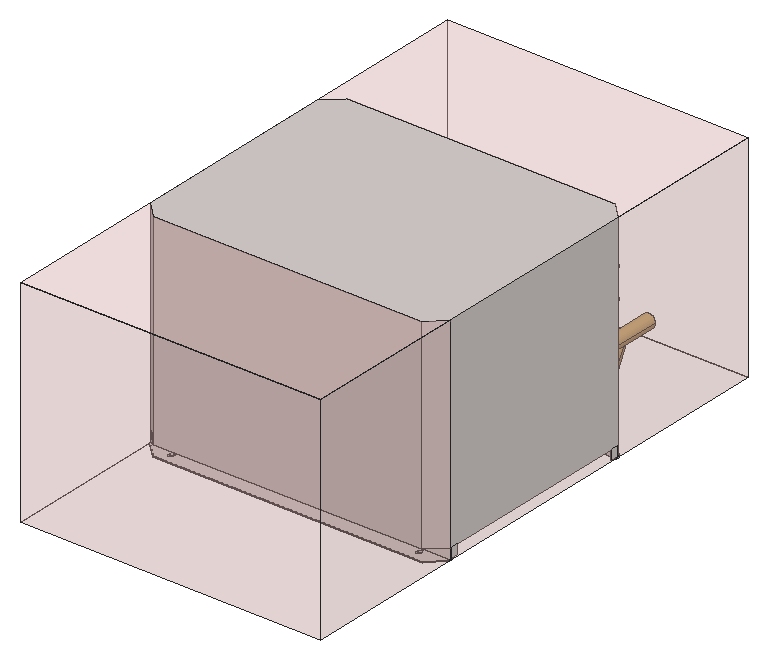
Revit family "CMH-WM350V-A", category Mechanical Equipment, Revit 2016
Family settings
  Part Type = Normal
  Round Connector Dimension = Use Radius
  OmniClass Number = 23.75.00.00
  OmniClass Title = Climate Control (HVAC)
  Work Plane-Based = No
  Always vertical = Yes
  Cut with Voids When Loaded = No
  Shared = No
  Room Calculation Point = No
Parameters (values of type "CMH-WM350V-A_220V_50Hz_To EM300")
  Water Pipe radius (Inlet) = 11.000 mm
  Water Pipe radius (To Indoor Unit) = 20.000 mm
  Water Pipe radius (From Indoor Unit) = 20.000 mm
  Water Pipe radius (EXP. Vessel) = 11.000 mm
  WarrantyStart = ""
  TagNumber = 0
  Sound Pressure Level (dB(A)) = 60
  SerialNumber = 0
  ReplacementYear = ""
  Model = "CMH-WM350V-A"
  Width = 920.000 mm
  Voltage = 220 V
  Unit Weight (kg) = 128
  URL = "http://www.mitsubishielectric.com/"
  Subcategory = "HVAC"
  Space View = yes
  Phase = 1
  Manufacturer = "Mitsubishi Electric Corporation"
  Liquid pipe_radius = 4.760 mm
  InstallationDate = ""
  Hertz = 50 Hz
  Height = 660.000 mm
  Heating Power Input (kW) = 0.9
  Heating Current (A) = 4.69
  Gas pipe_radius = 14.290 mm
  External Finish = "Pre-coated galvanized steel sheets"
  Equip_description = ""
  Equip_No. = 0
  Equip_ID = ""
  Description = "Hydro unit"
  Description = ""
  Depth = 740.000 mm
  CreatedOn = ""
  CreatedBy = ""
  Cooling Power Input (kW) = 0.9
  Cooling Current (A) = 4.69
  Connectable Outdoor/Heat source Unit = "PUHY-M300 to 350YNW-A1(-BS)/PUHY-EM300 to 350YNW-A1(-BS)"
  Category = ""
  Barcode = ""
  AssetIdentifier = ""
  Applicable temperature range of installation site = "-5 to 52"
Types (24, lengths in mm): name | Voltage | Liquid pipe_radius | Hertz | Heating Current (A) | Gas pipe_radius | Cooling Current (A)
  CMH-WM350V-A_220V_50Hz_To M300 | 220 V | 4.760 | 50 Hz | 4.69 | 11.100 | 4.69
  CMH-WM350V-A_220V_60Hz_To M300 | 220 V | 4.760 | 60 Hz | 4.69 | 11.100 | 4.69
  CMH-WM350V-A_230V_50Hz_To M300 | 230 V | 4.760 | 50 Hz | 4.48 | 11.100 | 4.48
  CMH-WM350V-A_230V_60Hz_To M300 | 230 V | 4.760 | 60 Hz | 4.48 | 11.100 | 4.48
  CMH-WM350V-A_240V_50Hz_To M300 | 240 V | 4.760 | 50 Hz | 4.3 | 11.100 | 4.3
  CMH-WM350V-A_240V_60Hz_To M300 | 240 V | 4.760 | 60 Hz | 4.3 | 11.100 | 4.3
  CMH-WM350V-A_220V_50Hz_To M350 | 220 V | 6.350 | 50 Hz | 4.69 | 14.290 | 4.69
  CMH-WM350V-A_220V_60Hz_To M350 | 220 V | 6.350 | 60 Hz | 4.69 | 14.290 | 4.69
  CMH-WM350V-A_230V_50Hz_To M350 | 230 V | 6.350 | 50 Hz | 4.48 | 14.290 | 4.48
  CMH-WM350V-A_230V_60Hz_To M350 | 230 V | 6.350 | 60 Hz | 4.48 | 14.290 | 4.48
  CMH-WM350V-A_240V_50Hz_To M350 | 240 V | 6.350 | 50 Hz | 4.3 | 14.290 | 4.3
  CMH-WM350V-A_240V_60Hz_To M350 | 240 V | 6.350 | 60 Hz | 4.3 | 14.290 | 4.3
  CMH-WM350V-A_220V_50Hz_To EM300 | 220 V | 4.760 | 50 Hz | 4.69 | 14.290 | 4.69
  CMH-WM350V-A_220V_60Hz_To EM300 | 220 V | 4.760 | 60 Hz | 4.69 | 14.290 | 4.69
  CMH-WM350V-A_230V_50Hz_To EM300 | 230 V | 4.760 | 50 Hz | 4.48 | 14.290 | 4.48
  CMH-WM350V-A_230V_60Hz_To EM300 | 230 V | 4.760 | 60 Hz | 4.48 | 14.290 | 4.48
  CMH-WM350V-A_240V_50Hz_To EM300 | 240 V | 4.760 | 50 Hz | 4.3 | 14.290 | 4.3
  CMH-WM350V-A_240V_60Hz_To EM300 | 240 V | 4.760 | 60 Hz | 4.3 | 14.290 | 4.3
  CMH-WM350V-A_220V_50Hz_To EM350 | 220 V | 6.350 | 50 Hz | 4.69 | 14.290 | 4.69
  CMH-WM350V-A_220V_60Hz_To EM350 | 220 V | 6.350 | 60 Hz | 4.69 | 14.290 | 4.69
  CMH-WM350V-A_230V_50Hz_To EM350 | 230 V | 6.350 | 50 Hz | 4.48 | 14.290 | 4.48
  CMH-WM350V-A_230V_60Hz_To EM350 | 230 V | 6.350 | 60 Hz | 4.48 | 14.290 | 4.48
  CMH-WM350V-A_240V_50Hz_To EM350 | 240 V | 6.350 | 50 Hz | 4.3 | 14.290 | 4.3
  CMH-WM350V-A_240V_60Hz_To EM350 | 240 V | 6.350 | 60 Hz | 4.3 | 14.290 | 4.3
Reference planes
  plane 1 "Center (Front/Back)": y = 0
  plane 2: z = 0
  plane 3 "Center (Left/Right)": x = 0
  plane 4 "11": through (-415, 370, 1200) normal (0.7071, -0.7071, 0)
  plane 5 "22": through (-415, -370, 1200) normal (-0.7071, -0.7071, 0)
  plane 6 "44": through (460, 325, 1200) normal (-0.7071, -0.7071, 0)
  plane 7 "33": through (460, -325, 1200) normal (0.7071, -0.7071, 0)
  plane 8: y = 370
  plane 9: y = -370
  plane 10: x = -460
  plane 11: x = 460
  plane 12: z = 660
  plane 13: x = -325
  plane 14: x = -243
  plane 15: y = -210
  plane 16: z = 170
  plane 17: z = 223
  plane 18: y = 453
  plane 19: y = 462
  plane 20: x = 310
  plane 21: x = 160
  plane 22: z = 190
  plane 23: z = 310
  plane 24: z = 400
  plane 25: z = 518
  plane 26: y = 497
  plane 27: y = 626
  plane 28: y = 498
Forms (mm)
  Extrusion 1, solid, material "Paint_5Y 8/1"
    sketch origin (0, 0, 53) x (-1, 0, 0) y (0, -1, 0)
      loop
        line (410, -370) -> (460, -320) -> (460, 320) -> (410, 370) -> (-410, 370) -> (-460, 320) -> (-460, -320) -> (-410, -370) -> (410, -370)
    from -18 to 607
  Extrusion 2, solid
    sketch origin (0, 0, 0) x (1, 0, 0) y (0, 1, 0)
      loop
        circle (-325, -210) r 4.76
    from 223 to 273
  Extrusion 3, solid
    sketch origin (0, 0, 0) x (1, 0, 0) y (0, 1, 0)
      loop
        circle (-243, -210) r 14.29
    from 170 to 220
  Extrusion 4, solid, material "Brass"
    sketch origin (-410, 370, 53) x (1, 0, 0) y (0, 0, -1)
      loop
        circle (720, -137) r 20
    from 83 to 256
  Extrusion 5, solid, material "Copper"
    sketch origin (-410, 370, 53) x (1, 0, 0) y (0, 0, -1)
      loop
        circle (720, -257) r 11
      loop
        circle (720, -347) r 11
    from 0 to 127
  Extrusion 6, solid, material "Plated steel"
    sketch origin (-410, 370, 53) x (1, 0, 0) y (0, 0, -1)
      loop
        circle (570, -465) r 20
    from 0 to 83
  SweptBlend 7, solid, material "Brass"
    path origin (0, 0, 0) x (0, 1, 0) y (0, 0, 1)
      loop
        line (516.164, 190) -> (468.611, 124.549)
    profile origin (0, 516.164, 190) x (0, 0.809017, -0.587785) y (1, 0, 0)
      loop
        circle (0.065, 310) r 17.5
    end profile origin (0, 468.611, 124.549) x (0, 0.809017, -0.587785) y (1, 0, 0)
      loop
        circle (11.829, 310) r 17.5
  Extrusion 8, solid, material "Plated steel"
    sketch origin (-410, 370, 53) x (1, 0, 0) y (0, 0, -1)
      loop
        circle (720, -137) r 20
    from 0 to 83
  Extrusion 9, solid, material "Service space", visible <- "Space View"
    sketch origin (0, 0, 0) x (1, 0, 0) y (0, 1, 0)
      loop
        line (-460, 820) -> (-460, -820) -> (460, -820) -> (460, 820) -> (-460, 820)
    from 0 to 660
Lines and regions (mm)
  model lines, not visible
    curve 1: line (487.5, -370, 703) -> (492.5, -370, 703)
    curve 2: line (477.5, -370, 363) -> (477.5, -370, 693)
    curve 3: line (492.5, -370, 353) -> (487.5, -370, 353)
    curve 4: line (502.5, -370, 693) -> (502.5, -370, 363)
    curve 5: arc (487.5, -370, 703) -> (480.429, -370, 700.071) -> (477.5, -370, 693) r 10
    curve 6: arc (492.5, -370, 703) -> (499.571, -370, 700.071) -> (502.5, -370, 693) r 10
    curve 7: arc (502.5, -370, 363) -> (499.571, -370, 355.929) -> (492.5, -370, 353) r 10
    curve 8: arc (477.5, -370, 363) -> (480.429, -370, 355.929) -> (487.5, -370, 353) r 10
  model lines
    curve 9: line (460, -237.5, 660) -> (460, -237.5, 35)
    curve 10: line (460, 236.5, 660) -> (460, 236.5, 35)
    curve 11: line (-200, 190, 660) -> (200, 190, 660)
    curve 12: line (-200, 170, 660) -> (200, 170, 660)
    curve 13: arc (-200, 190, 660) -> (-207.071, 187.071, 660) -> (-210, 180, 660) r 10
    curve 14: arc (-210, 180, 660) -> (-207.071, 172.929, 660) -> (-200, 170, 660) r 10
    curve 15: arc (200, 190, 660) -> (207.071, 187.071, 660) -> (210, 180, 660) r 10
    curve 16: arc (200, 170, 660) -> (207.071, 172.929, 660) -> (210, 180, 660) r 10
    curve 17: line (-200, 100, 660) -> (200, 100, 660)
    curve 18: line (-200, 80, 660) -> (200, 80, 660)
    curve 19: arc (-200, 100, 660) -> (-207.071, 97.071, 660) -> (-210, 90, 660) r 10
    curve 20: arc (-210, 90, 660) -> (-207.071, 82.929, 660) -> (-200, 80, 660) r 10
    curve 21: arc (200, 100, 660) -> (207.071, 97.071, 660) -> (210, 90, 660) r 10
    curve 22: arc (200, 80, 660) -> (207.071, 82.929, 660) -> (210, 90, 660) r 10
    curve 23: line (-200, 10, 660) -> (200, 10, 660)
    curve 24: line (-200, -10, 660) -> (200, -10, 660)
    curve 25: arc (-200, 10, 660) -> (-207.071, 7.071, 660) -> (-210, 0, 660) r 10
    curve 26: arc (-210, 0, 660) -> (-207.071, -7.071, 660) -> (-200, -10, 660) r 10
    curve 27: arc (200, 10, 660) -> (207.071, 7.071, 660) -> (210, 0, 660) r 10
    curve 28: arc (200, -10, 660) -> (207.071, -7.071, 660) -> (210, 0, 660) r 10
    curve 29: line (-200, -80, 660) -> (200, -80, 660)
    curve 30: line (-200, -100, 660) -> (200, -100, 660)
    curve 31: arc (-200, -80, 660) -> (-207.071, -82.929, 660) -> (-210, -90, 660) r 10
    curve 32: arc (-210, -90, 660) -> (-207.071, -97.071, 660) -> (-200, -100, 660) r 10
    curve 33: arc (200, -80, 660) -> (207.071, -82.929, 660) -> (210, -90, 660) r 10
    curve 34: arc (200, -100, 660) -> (207.071, -97.071, 660) -> (210, -90, 660) r 10
    curve 35: line (-200, -170, 660) -> (200, -170, 660)
    curve 36: line (-200, -190, 660) -> (200, -190, 660)
    curve 37: arc (-200, -170, 660) -> (-207.071, -172.929, 660) -> (-210, -180, 660) r 10
    curve 38: arc (-210, -180, 660) -> (-207.071, -187.071, 660) -> (-200, -190, 660) r 10
    curve 39: arc (200, -170, 660) -> (207.071, -172.929, 660) -> (210, -180, 660) r 10
    curve 40: arc (200, -190, 660) -> (207.071, -187.071, 660) -> (210, -180, 660) r 10
    curve 41: line (-355, -176, 35) -> (-205, -176, 35)
    curve 42: line (-355, -270, 35) -> (-355, -176, 35)
    curve 43: line (-205, -270, 35) -> (-355, -270, 35)
    curve 44: line (-205, -176, 35) -> (-205, -270, 35)
    curve 45: circle (-170, -250, 35) r 17.5 normal (0, 0, 1)
    curve 46: circle (-115, -250, 35) r 14 normal (0, 0, 1)
    curve 47: circle (-115, -195, 35) r 14 normal (0, 0, 1)
    curve 48: circle (-305, -370, 215) r 14 normal (0, -1, 0)
    curve 49: circle (-230, -370, 215) r 17.5 normal (0, -1, 0)
    curve 50: circle (-268, -370, 265) r 14 normal (0, -1, 0)
    curve 51: line (-358, -370, 96) -> (-210, -370, 96)
    curve 52: line (-358, -370, 180) -> (-358, -370, 96)
    curve 53: line (-210, -370, 180) -> (-358, -370, 180)
    curve 54: line (-210, -370, 96) -> (-210, -370, 180)
    curve 55: line (-410, -370, 330) -> (-190, -370, 330)
    curve 56: line (-190, -370, 330) -> (-190, -370, 35)
Dimensions and locks
  Extrusion 1 to Extrusion 1 = 920.000 mm
  nested 1 to nested 1 to nested 1 = 20.000 mm, 54.000 mm
  "Gas pipe_radius": radius of Extrusion 3 sketch curve
  "Liquid pipe_radius": radius of Extrusion 2 sketch curve
  "Water Pipe radius (To Indoor Unit)": radius of Extrusion 6 sketch curve
  "Water Pipe radius (From Indoor Unit)": radius of Extrusion 8 sketch curve
  "Water Pipe radius (EXP. Vessel)": radius of Extrusion 5 sketch curve
  "Water Pipe radius (Inlet)": radius of Extrusion 5 sketch curve
  aligned and locked: level to plane 2
Automatic sketch dimensions
  Extrusion 1 sketch curve to plane 11 = 0.000 mm
  Extrusion 1 sketch curve to plane 9 = 0.000 mm
  Extrusion 1 sketch curve to plane 8 = 0.000 mm
  Extrusion 1 sketch curve to plane 10 = 0.000 mm
  Extrusion 1 sketch curve to plane 11 = 50.000 mm  (x2)
  plane 10 to Extrusion 1 sketch curve = 50.000 mm  (x2)
  Extrusion 1 sketch curve to plane 8 = 50.000 mm  (x2)
  plane 9 to Extrusion 1 sketch curve = 50.000 mm  (x2)
  curve 56 to Extrusion 1 = 0.000 mm
  curve 55 to Extrusion 1 = 0.000 mm
  Extrusion 1 to curve 52 = 52.000 mm
  curve 48 to curve 52 = 53.000 mm
  curve 50 to curve 48 = 37.000 mm
  curve 49 to curve 50 = 38.000 mm
  curve 53 to curve 49 = 20.000 mm
  curve 55 to curve 50 = 78.000 mm
  Extrusion 1 to curve 54 = 61.000 mm
  curve 54 to curve 51 = 84.000 mm
  curve 48 to curve 52 = 35.000 mm
  curve 49 to curve 53 = 35.000 mm
  curve 50 to curve 48 = 50.000 mm
  curve 56 to curve 50 = 65.000 mm
  Extrusion 1 to curve 47 = 345.000 mm
  curve 46 to curve 47 = 0.000 mm
  curve 46 to curve 45 = 55.000 mm
  curve 45 to curve 43 = 35.000 mm
  Extrusion 1 to curve 42 = 105.000 mm
  Extrusion 1 to curve 41 = 194.000 mm
  curve 41 to curve 47 = 19.000 mm
  curve 47 to curve 45 = 55.000 mm
  curve 45 to curve 46 = 0.000 mm
  curve 45 to curve 44 = 20.000 mm
  Extrusion 1 to curve 10 = 0.000 mm
  curve 10 to Extrusion 1 = 0.000 mm
  curve 9 to Extrusion 1 = 0.000 mm
  Extrusion 1 to curve 9 = 0.000 mm
  curve 10 to Extrusion 1 = 83.500 mm
  Extrusion 1 to curve 9 = 82.500 mm
  curve 13 to curve 14 = 0.000 mm  (x2)
  curve 15 to curve 16 = 0.000 mm  (x2)
  curve 19 to curve 20 = 0.000 mm  (x2)
  curve 21 to curve 22 = 0.000 mm  (x2)
  curve 25 to curve 26 = 0.000 mm  (x2)
  curve 27 to curve 28 = 0.000 mm  (x2)
  curve 31 to curve 32 = 0.000 mm  (x2)
  curve 33 to curve 34 = 0.000 mm  (x2)
  curve 37 to curve 38 = 0.000 mm  (x2)
  curve 39 to curve 40 = 0.000 mm  (x2)
  curve 15 to Extrusion 1 = 260.000 mm
  curve 40 to Extrusion 1 = 260.000 mm
  curve 34 to curve 35 = 0.000 mm
  curve 17 to curve 12 = 0.000 mm
  curve 28 to curve 18 = 0.000 mm
  curve 11 to Extrusion 1 = 260.000 mm
  curve 26 to curve 12 = 0.000 mm
  curve 20 to curve 12 = 0.000 mm
  curve 29 to curve 24 = 0.000 mm
  curve 38 to curve 30 = 0.000 mm
  curve 11 to Extrusion 1 = 180.000 mm
  curve 11 to curve 16 = 10.000 mm
  curve 12 to curve 17 = 70.000 mm
  curve 17 to curve 22 = 10.000 mm
  curve 18 to curve 23 = 70.000 mm
  curve 23 to curve 26 = 10.000 mm
  curve 24 to curve 29 = 70.000 mm
  curve 29 to curve 34 = 10.000 mm
  curve 30 to curve 35 = 70.000 mm
  curve 35 to curve 40 = 10.000 mm
  Extrusion 4 sketch curve to Extrusion 1 = 100.000 mm
  Extrusion 1 to Extrusion 4 sketch curve = 155.000 mm
  SweptBlend 7 sketch curve to plane 22 = 0.000 mm
  SweptBlend 7 sketch curve to plane 19 = 6.611 mm
  SweptBlend 7 sketch curve to plane 28 = 18.164 mm
  SweptBlend 7 sketch curve to plane 16 = 45.451 mm
  SweptBlend 7 sketch curve to profile plane = 0.065 mm
  plane 3 "Center (Left/Right)" to SweptBlend 7 sketch curve = 310.000 mm  (x2)
  SweptBlend 7 sketch curve to profile plane = 11.829 mm
  Extrusion 9 sketch curve to plane 10 = 0.000 mm
  Extrusion 9 sketch curve to plane 11 = 0.000 mm
  Extrusion 9 sketch curve to plane 9 = 450.000 mm
  Extrusion 9 sketch curve to plane 27 = 194.000 mm
  Extrusion 2 sketch curve to plane 13 = 0.000 mm
  Extrusion 2 sketch curve to plane 15 = 0.000 mm
  Extrusion 3 sketch curve to plane 14 = 0.000 mm
  Extrusion 3 sketch curve to plane 15 = 0.000 mm
  Extrusion 5 sketch curve to Extrusion 1 = 100.000 mm
  Extrusion 5 sketch curve to Extrusion 5 sketch curve = 0.000 mm
  Extrusion 1 to Extrusion 5 sketch curve = 260.000 mm
  Extrusion 5 sketch curve to Extrusion 5 sketch curve = 90.000 mm
  Extrusion 6 sketch curve to Extrusion 1 = 250.000 mm
  Extrusion 1 to Extrusion 6 sketch curve = 142.000 mm
  Extrusion 8 sketch curve to Extrusion 1 = 100.000 mm
  Extrusion 1 to Extrusion 8 sketch curve = 155.000 mm
  radius of curve 48 = 14.000 mm
  radius of curve 49 = 17.500 mm
  radius of curve 50 = 14.000 mm
  radius of curve 45 = 17.500 mm
  radius of curve 46 = 14.000 mm
  radius of curve 47 = 14.000 mm
  radius of Extrusion 4 sketch curve = 20.000 mm
  radius of SweptBlend 7 sketch curve = 17.500 mm  (x2)
Nested families
  nested 1: "BASE LEG" at (0, -352, 0), Width <- "Width", type "BASE LEG"
    with Width 920.000 mm
  nested 2: "BASE LEG" at (0, 352, 0) x (-1, 0, 0) z (0, 0, 1), Width <- "Width", type "BASE LEG"
    with Width 920.000 mm
Connectors
  piping at (-325, -210, 223), diameter 9.52, driven by "Liquid pipe_radius"
    settings: on Extrusion 2, index 5, connector inside diameter 609.6 mm, connector length 0.000 mm, flow factor 0, pipe flow 0.0 L/s, pressure drop 0.0 Pa, fitting loss kfactor 0, connector angle 0.00°, fixture units 0, engagement length 0.000 mm, angle of deflection 0.00°, flow configuration 0, flow direction 0, fitting loss method 0, system type 22, joint type 0, gender type 0, connector reference index -1, connector utility 0, adjustable connector no, is connector primary yes, connector description "Refrigerant service valve (Liquid)"
  piping at (-243, -210, 170), diameter 28.58, driven by "Gas pipe_radius"
    settings: on Extrusion 3, index 6, connector inside diameter 609.6 mm, connector length 0.000 mm, flow factor 0, pipe flow 0.0 L/s, pressure drop 0.0 Pa, fitting loss kfactor 0, connector angle 0.00°, fixture units 0, engagement length 0.000 mm, angle of deflection 0.00°, flow configuration 0, flow direction 0, fitting loss method 0, system type 22, joint type 0, gender type 0, connector reference index -1, connector utility 0, adjustable connector no, is connector primary no, connector description "Refrigerant service valve (gas)"
  electrical at (0, -370, 347.5), driven by "Phase", driven by "Voltage"
    settings: on Extrusion 1, index 7, voltage 220 V, apparent load 0 VA, apparent load phase1 0 VA, apparent load phase2 0 VA, apparent load phase3 0 VA, power factor 1, load classification "その他", number of poles 1, system type 30, power factor state 1, is connector primary yes, connector utility no, sub classification motor no, connector description ""
  piping at (160, 453, 518), diameter 40, driven by "Water Pipe radius (To Indoor Unit)"
    settings: on Extrusion 6, index 8, connector inside diameter 609.6 mm, connector length 0.000 mm, flow factor 0, pipe flow 0.0 L/s, pressure drop 0.0 Pa, fitting loss kfactor 0, connector angle 0.00°, fixture units 0, engagement length 0.000 mm, angle of deflection 0.00°, flow configuration 0, flow direction 2, fitting loss method 0, system type 22, joint type 0, gender type 0, connector reference index -1, connector utility 0, adjustable connector no, is connector primary no, connector description "Water Pipe radius (To Indoor Unit)"
  piping at (310, 497, 400), diameter 22, driven by "Water Pipe radius (EXP. Vessel)"
    settings: on Extrusion 5, index 9, connector inside diameter 609.6 mm, connector length 0.000 mm, flow factor 0, pipe flow 0.0 L/s, pressure drop 0.0 Pa, fitting loss kfactor 0, connector angle 0.00°, fixture units 0, engagement length 0.000 mm, angle of deflection 0.00°, flow configuration 0, flow direction 1, fitting loss method 0, system type 22, joint type 0, gender type 0, connector reference index -1, connector utility 0, adjustable connector no, is connector primary no, connector description "Water pipe (EXP. Vessel)"
  piping at (310, 497, 310), diameter 22, driven by "Water Pipe radius (Inlet)"
    settings: on Extrusion 5, index 10, connector inside diameter 609.6 mm, connector length 0.000 mm, flow factor 0, pipe flow 0.0 L/s, pressure drop 0.0 Pa, fitting loss kfactor 0, connector angle 0.00°, fixture units 0, engagement length 0.000 mm, angle of deflection 0.00°, flow configuration 0, flow direction 1, fitting loss method 0, system type 22, joint type 0, gender type 0, connector reference index -1, connector utility 0, adjustable connector no, is connector primary no, connector description "Water Pipe radius (Inlet)"
  piping at (310, 626, 190), diameter 40, driven by "Water Pipe radius (From Indoor Unit)"
    settings: on Extrusion 4, index 11, connector inside diameter 609.6 mm, connector length 0.000 mm, flow factor 0, pipe flow 0.0 L/s, pressure drop 0.0 Pa, fitting loss kfactor 0, connector angle 0.00°, fixture units 0, engagement length 0.000 mm, angle of deflection 0.00°, flow configuration 0, flow direction 1, fitting loss method 0, system type 22, joint type 0, gender type 0, connector reference index -1, connector utility 0, adjustable connector no, is connector primary no, connector description "Water Pipe radius (From Indoor Unit)"
Definition of nested family "BASE LEG"
  Parameters (values of type "BASE LEG")
    Width [instance] = 920.000 mm
  Reference planes
    plane 1 "中心(正面/背面)": y = 0
    plane 2: z = 0
    plane 3 "中心(左/右)": x = 0
    plane 4: x = 460
    plane 5: x = -460
    plane 6: x = -380
    plane 7: x = 380
    plane 8: y = -18
    plane 9: y = 39
    plane 10: y = 42
    plane 11: y = 27
    plane 12: x = 415
    plane 13: x = -415
    plane 14: y = 11.5
    plane 15: z = 35
  Forms (mm)
    Extrusion 1, solid
      sketch origin (0, 0, 0) x (0, 1, 0) y (0, 0, 1)
        loop
          line (-18, 0) -> (36, 0) -> (36, 32) -> (56, 32) -> (56, 35) -> (33, 35) -> (33, 3) -> (-18, 3) -> (-18, 0)
      from -460 to 460
    Extrusion 2, void
      sketch origin (0, 0, 0) x (1, 0, 0) y (0, 1, 0)
        loop
          line (415, -18) -> (460, -18) -> (460, 27) -> (415, -18)
        loop
          line (-415, -18) -> (-460, 27) -> (-460, -18) -> (-415, -18)
      from 0 to 250
    Extrusion 3, void
      sketch origin (0, 12.023, 0) x (1, 0, 0) y (0, 1, 0)
        loop
          arc (373, -2.971) -> (380, -9.971) -> (387, -2.971) r 7
          line (387, -2.971) -> (387, 3.023)
          arc (387, 3.023) -> (380, 10.023) -> (373, 3.023) r 7
          line (373, 3.023) -> (373, -2.971)
        loop
          line (-373, -2.971) -> (-373, 3.023)
          arc (-373, 3.023) -> (-380, 10.023) -> (-387, 3.023) r 7
          line (-387, 3.023) -> (-387, -2.971)
          arc (-387, -2.971) -> (-380, -9.971) -> (-373, -2.971) r 7
      from 0 to 250
    Extrusion 4, solid
      sketch origin (0, 0, -3) x (1, 0, 0) y (0, 0, 1)
        loop
          line (457, 8) -> (460, 8) -> (460, 35) -> (457, 35) -> (457, 8)
        loop
          line (-457, 8) -> (-457, 35) -> (-460, 35) -> (-460, 8) -> (-457, 8)
      from -36 to -56
    Extrusion 5, solid
      sketch origin (150, 352, 0) x (1, 0, 0) y (0, 1, 0)
        loop
          line (310, -319) -> (305, -319) -> (305, -320) -> (255, -370) -> (260, -370) -> (310, -320) -> (310, -319)
      from 3 to 35
    Extrusion 6, void
      sketch origin (410, -18, 0) x (0.707107, 0.707107, 0) y (0, 0, 1)
        loop
          line (70.711, 3) -> (-6.741, 39.767) -> (-6.741, 3) -> (70.711, 3)
      from -190.256 to 23.776
    Extrusion 7, solid
      sketch origin (-150, 352, 0) x (-1, 0, 0) y (0, -1, 0)
        loop
          line (310, 319) -> (310, 320) -> (260, 370) -> (255, 370) -> (305, 320) -> (305, 319) -> (310, 319)
      from 3 to 35
    Extrusion 8, void
      sketch origin (-410, -18, 0) x (0.707107, -0.707107, 0) y (0, 0, -1)
        loop
          line (-70.711, -3) -> (0, -35) -> (6.741, -35) -> (6.741, -3) -> (-70.711, -3)
      from -190.256 to 23.776
    Extrusion 9, void
      sketch origin (0, 33, 3) x (0, 0, -1) y (-1, 0, 0)
        loop
          arc (-0.969, 375) -> (-2.434, 378.536) -> (-5.969, 380) r 5
          line (-5.969, 380) -> (-20.969, 380)
          arc (-20.969, 380) -> (-24.505, 378.536) -> (-25.969, 375) r 5
          line (-25.969, 375) -> (-25.969, 325)
          arc (-25.969, 325) -> (-24.505, 321.464) -> (-20.969, 320) r 5
          line (-20.969, 320) -> (-5.969, 320)
          arc (-5.969, 320) -> (-2.434, 321.464) -> (-0.969, 325) r 5
          line (-0.969, 325) -> (-0.969, 375)
        loop
          arc (-0.969, -325) -> (-2.434, -321.464) -> (-5.969, -320) r 5
          line (-5.969, -320) -> (-20.969, -320)
          arc (-20.969, -320) -> (-24.505, -321.464) -> (-25.969, -325) r 5
          line (-25.969, -325) -> (-25.969, -375)
          arc (-25.969, -375) -> (-24.505, -378.536) -> (-20.969, -380) r 5
          line (-20.969, -380) -> (-5.969, -380)
          arc (-5.969, -380) -> (-2.434, -378.536) -> (-0.969, -375) r 5
          line (-0.969, -375) -> (-0.969, -325)
      from 0 to 250
  Cuts and joins
    Extrusion 2, Extrusion 3, Extrusion 9 cuts Extrusion 1
    Extrusion 9 cuts Extrusion 4
    joined: Extrusion 1, Extrusion 4
    Extrusion 8 cuts Extrusion 7
    Extrusion 6 cuts Extrusion 5
  Dimensions and locks
    "Width": plane 5 to plane 4
    equal spacing: plane 5, plane 3 "中心(左/右)", plane 4
    locked: plane 5 to plane 6 at 80
    locked: plane 7 to plane 4 at 80
    locked: plane 8 to plane 9 at 57
    locked: plane 9 to plane 10 at 3
    plane 8 to plane 11 = 45.000 mm
    locked: plane 12 to plane 4 at 45
    locked: plane 5 to plane 13 at 45
    equal spacing: Extrusion 3 sketch curve, plane 7, Extrusion 3 sketch curve
    equal spacing: Extrusion 3 sketch curve, plane 6, Extrusion 3 sketch curve
    locked: cut or joined group of Extrusion 1, Extrusion 2, Extrusion 3, Extrusion 4, Extrusion 9 to Extrusion 4 sketch curve at 3  (x2)
    locked: plane 8 to plane 14 at 29.5
    plane 8 to plane 10 = 60.000 mm
    cut or joined group of Extrusion 1, Extrusion 2, Extrusion 3, Extrusion 4, Extrusion 9 to cut or joined group of Extrusion 1, Extrusion 2, Extrusion 3, Extrusion 4, Extrusion 9 = 35.000 mm
    aligned and locked: level to plane 2
    aligned and locked: plane 8 to Extrusion 1 sketch curve
    aligned and locked: plane 4 to Extrusion 1
    aligned and locked: Extrusion 1 to plane 5
    aligned and locked: Extrusion 2 sketch curve to plane 4
    aligned and locked: Extrusion 2 sketch curve to plane 8
    aligned and locked: plane 11 to Extrusion 2 sketch curve
    aligned and locked: plane 12 to Extrusion 2 sketch curve
    aligned and locked: plane 4 to Extrusion 4 sketch curve
    aligned and locked: plane 5 to Extrusion 4 sketch curve
    aligned and locked: cut or joined group of Extrusion 7, Extrusion 8 to cut or joined group of Extrusion 1, Extrusion 2, Extrusion 3, Extrusion 4, Extrusion 9
  Automatic sketch dimensions
    Extrusion 3 sketch curve to plane 1 "中心(正面/背面)" = 9.052 mm  (x2)
    Extrusion 3 sketch curve to plane 7 = 7.000 mm
    Extrusion 3 sketch curve to plane 1 "中心(正面/背面)" = 15.046 mm  (x2)
    Extrusion 3 sketch curve to plane 6 = 7.000 mm
    Extrusion 2 sketch curve to plane 5 = 0.000 mm
    plane 8 to Extrusion 2 sketch curve = 0.000 mm
    Extrusion 2 sketch curve to plane 13 = 0.000 mm
    plane 11 to Extrusion 2 sketch curve = 0.000 mm
    plane 7 to Extrusion 5 sketch curve = 25.000 mm
    Extrusion 5 sketch curve to Extrusion 5 sketch curve = 5.000 mm  (x2)
    plane 7 to Extrusion 5 sketch curve = 75.000 mm
    plane 8 to Extrusion 5 sketch curve = 0.000 mm
    Extrusion 5 sketch curve to Extrusion 5 sketch curve = 50.000 mm
    Extrusion 5 sketch curve to Extrusion 5 sketch curve = 0.000 mm
    Extrusion 5 sketch curve to Extrusion 5 sketch curve = 1.000 mm
    Extrusion 6 sketch curve to Extrusion 5 = 0.000 mm  (x2)
    Extrusion 6 sketch curve to Extrusion 5 = 6.741 mm
    Extrusion 6 sketch curve to Extrusion 5 = 4.767 mm
    plane 6 to Extrusion 7 sketch curve = 25.000 mm
    Extrusion 7 sketch curve to Extrusion 7 sketch curve = 5.000 mm  (x2)
    Extrusion 7 sketch curve to Extrusion 7 sketch curve = 45.000 mm
    Extrusion 7 sketch curve to plane 8 = 0.000 mm
    Extrusion 7 sketch curve to Extrusion 7 sketch curve = 50.000 mm
    Extrusion 7 sketch curve to Extrusion 7 sketch curve = 0.000 mm
    Extrusion 7 sketch curve to Extrusion 7 sketch curve = 1.000 mm
    Extrusion 8 sketch curve to Extrusion 7 = 0.000 mm  (x2)
    Extrusion 7 to Extrusion 8 sketch curve = 0.000 mm  (x2)
    Extrusion 7 to Extrusion 8 sketch curve = 6.741 mm
    Extrusion 4 sketch curve to plane 15 = 3.000 mm  (x2)
    Extrusion 1 sketch curve to plane 15 = 0.000 mm
    Extrusion 1 sketch curve to level = 0.000 mm
    level to Extrusion 1 sketch curve = 3.000 mm
    plane 9 to Extrusion 1 sketch curve = 6.000 mm
    plane 9 to Extrusion 1 sketch curve = 3.000 mm
    Extrusion 1 sketch curve to plane 15 = 3.000 mm
    Extrusion 1 sketch curve to plane 10 = 14.000 mm
    level to Extrusion 4 sketch curve = 5.000 mm  (x2)
    Extrusion 9 sketch curve to Extrusion 1 = 6.031 mm  (x2)
    Extrusion 9 sketch curve to Extrusion 9 sketch curve = 5.000 mm  (x4)
    Extrusion 1 to Extrusion 9 sketch curve = 5.969 mm  (x4)
    Extrusion 1 to Extrusion 9 sketch curve = 0.969 mm  (x2)
    Extrusion 9 sketch curve to Extrusion 1 = 80.000 mm
    Extrusion 9 sketch curve to Extrusion 9 sketch curve = 50.000 mm  (x2)
    Extrusion 9 sketch curve to Extrusion 1 = 140.000 mm
